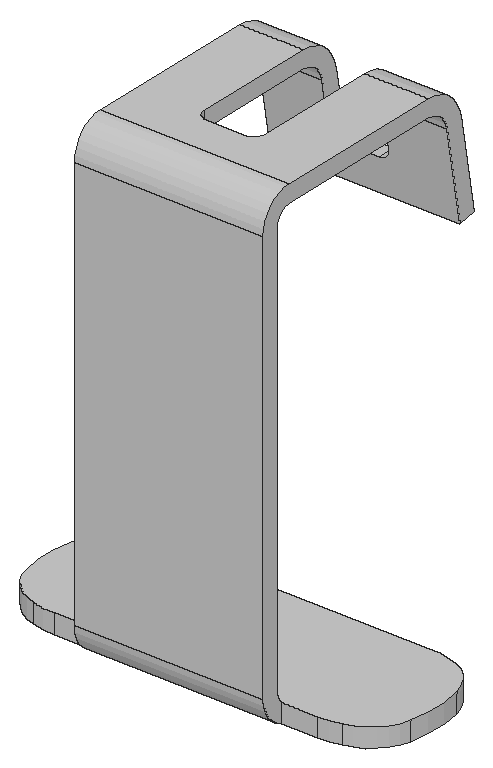
Revit family "Magnuson-Yin-CoatHooks+", category Furniture, host Face, Revit 2020
Family settings
  Host = Face
  Cut with Voids When Loaded = No
  Shared = No
  Room Calculation Point = No
Parameters (values of type "YIN-PH")
  URL = "www.magnusongroup.com"
  Type Comments = "Coat Hooks"  # constant formula
  Revit Model Built By = "https://servex-us.com/servex-revit/"
  Product Documentation Link = "https://magnusongroup.com/products/coathooks/yinundertablehook.html"
  Salvage or Reuse = yes
  Percentage of Recycled Content = 0
  Model = "YIN-PH"
  Manufacturer = "Magnuson Group"  # constant formula
  Low Emitting Material = yes
  Low Emitting Finish = yes
  Keynote = "12500"
  Hook Finish = MAG - Textured painted steel
  Description = "Under table or counter hook to hold purses or bags."
  Default Elevation = 48"
  Assembly Code = "E2020200"
Reference planes (in)
  plane 1 "Center (Front/Back)": y = 0
  plane 2: z = 0
  plane 3 "Center (Left/Right)": x = 0
Forms (in)
  Extrusion 1, solid, material "MAG - Textured painted steel" <- "Hook Finish"
    sketch origin (0, 0, 0) x (1, 0, 0) y (0, 1, 0)
      loop
        arc (0.92688, -0.488) -> (1.0078, -0.48352) -> (1.08773, -0.47013) r 0.73275
        arc (1.08773, -0.47013) -> (1.2606, -0.37493) -> (1.35579, -0.20206) r 0.35453
        arc (1.35579, -0.20206) -> (1.37824, 0) -> (1.35579, 0.20206) r 0.92056
        arc (1.35579, 0.20206) -> (1.2606, 0.37493) -> (1.08773, 0.47013) r 0.35453
        arc (1.08773, 0.47013) -> (1.0078, 0.48352) -> (0.92688, 0.488) r 0.73275
        line (0.92688, 0.488) -> (-0.92688, 0.488)
        arc (-0.92688, 0.488) -> (-1.0078, 0.48352) -> (-1.08773, 0.47013) r 0.73275
        arc (-1.08773, 0.47013) -> (-1.2606, 0.37493) -> (-1.35579, 0.20206) r 0.35453
        arc (-1.35579, 0.20206) -> (-1.37824, 0) -> (-1.35579, -0.20206) r 0.92056
        arc (-1.35579, -0.20206) -> (-1.2606, -0.37493) -> (-1.08773, -0.47013) r 0.35453
        arc (-1.08773, -0.47013) -> (-1.0078, -0.48352) -> (-0.92688, -0.488) r 0.73275
        line (-0.92688, -0.488) -> (0.9308, -0.488)
    from 0 to 0.13392
  Extrusion 2, solid, material "MAG - Textured painted steel" <- "Hook Finish"
    sketch origin (0, 0, 0) x (0, 1, 0) y (0, 0, 1)
      loop
        arc (-0.48799, 0.13392) -> (-0.51215, 0.17326) -> (-0.52058, 0.21865) r 0.12644
        line (-0.52058, 0.21865) -> (-0.52058, 3.13611)
        arc (-0.52058, 3.13611) -> (-0.48676, 3.21775) -> (-0.40512, 3.25157) r 0.11546
        line (-0.40512, 3.25157) -> (0.80924, 3.25157)
        arc (0.80924, 3.25157) -> (0.91721, 3.21227) -> (0.97466, 3.11277) r 0.16797
        line (0.97466, 3.11277) -> (1.08975, 2.46006) -> (1.2126, 2.48172) -> (1.09705, 3.13708)
        arc (1.09705, 3.13708) -> (0.99952, 3.306) -> (0.81622, 3.37272) r 0.28516
        line (0.81622, 3.37272) -> (-0.40512, 3.37272)
        arc (-0.40512, 3.37272) -> (-0.5723, 3.30339) -> (-0.64136, 3.13611) r 0.23624
        line (-0.64136, 3.13611) -> (-0.64136, 0.21171)
        arc (-0.64136, 0.21171) -> (-0.59899, 0.081) -> (-0.48799, 0) r 0.22281
        line (-0.48799, 0) -> (-0.48799, 0.13392)
    from -0.66642 to 0.66493
  Extrusion 3, void
    sketch origin (0, 0, 0) x (1, 0, 0) y (0, 1, 0)
      loop
        line (-0.21462, 1.28338) -> (-0.21462, -0.0638)
        arc (-0.21462, -0.0638) -> (-0.19235, -0.11755) -> (-0.1386, -0.13982) r 0.07602
        line (-0.1386, -0.13982) -> (0.1386, -0.13982)
        arc (0.1386, -0.13982) -> (0.19235, -0.11755) -> (0.21462, -0.0638) r 0.07602
        line (0.21462, -0.0638) -> (0.21462, 1.28338) -> (-0.21462, 1.28338)
    from 2.87173 to 3.37272
  Extrusion 4, void
    sketch origin (0, 0, 0) x (1, 0, 0) y (0, 0, 1)
      loop
        line (-0.21462, 3.02765) -> (-0.21462, 2.80013)
        arc (-0.21462, 2.80013) -> (-0.18949, 2.73947) -> (-0.12883, 2.71434) r 0.08579
        line (-0.12883, 2.71434) -> (0.12883, 2.71434)
        arc (0.12883, 2.71434) -> (0.18949, 2.73947) -> (0.21462, 2.80013) r 0.08579
        line (0.21462, 2.80013) -> (0.21462, 3.02765) -> (-0.21462, 3.02765)
    from -1.28338 to 0.13982
Cuts and joins
  Extrusion 3, Extrusion 4 cuts Extrusion 2
Dimensions and locks (in)
  aligned and locked: plane 2 to host face
  aligned and locked: level to host face
